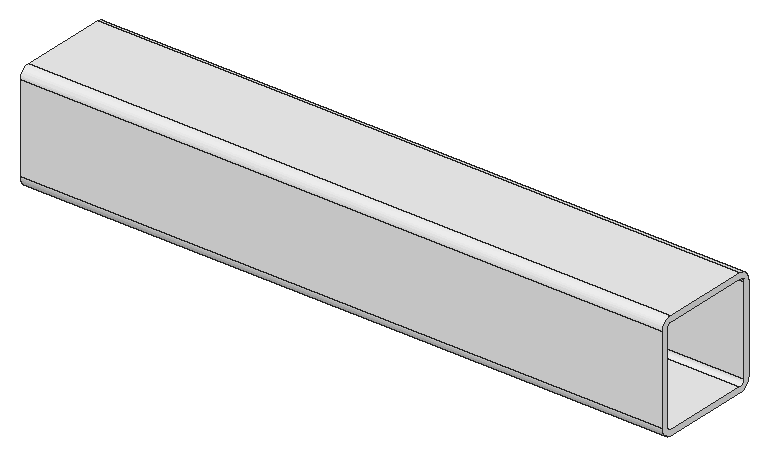
Revit family
Parameters (values of type "HSS203X203X9.5")
  Start Extension Calculation [instance] = 3012.5 mm + Start Extension  # 3000 mm
  Start Extension [instance] = -12.5 mm
  End Extension Calculation [instance] = 3012.5 mm + End Extension  # 3000 mm
  End Extension [instance] = -12.5 mm
  Beam Material [instance] = Metal - Steel - 345 MPa
  Assembly Code = ""
  A = 0.007 m²
  Ht = 203.2 mm
  Length [instance] = 1500 mm
  W = 0.55015
  Shape = "Square"
  b = 203.2 mm
  tr = 2 * t  # 19 mm
  t = 9.5 mm
Reference planes
  plane 1 "Center (Front/Back)": y = 0
  plane 2: z = 0
  plane 3 "Center (Left/Right)": x = 4.61
  plane 4 "Member Left": x = -604.99
  plane 5 "Member Right": x = 614.21
  plane 6: y = 101.6
  plane 7: y = -101.6
  plane 8 "Top": z = 101.6
  plane 9: z = -101.6
  plane 10 "Left": x = -757.39
  plane 11 "Right": x = 742.61
  plane 12: x = -604.99
  plane 13: x = 614.21
  plane 14: x = 2395.01
  plane 15: x = -2385.79
Forms (mm)
  Sweep 1, solid, material "Metal - Steel - 345 MPa" <- "Beam Material", detail levels fine
    path origin (0, 0, 0) x (1, 0, 0) y (0, 1, 0)
      loop
        line (614.21, 0) -> (-604.99, 0)
    profile "M_Hollow-Structural-Section-Profile-Fine : M_Hollow-Structural-Section-Profile-Fine" origin (4.61, 0, 0) x (0, -1, 0) y (0, 0, 1)
      loop
        arc (-82.6, 92.1) -> (-89.318, 89.318) -> (-92.1, 82.6) r 9.5
        line (-92.1, 82.6) -> (-92.1, -82.6)
        arc (-92.1, -82.6) -> (-89.318, -89.318) -> (-82.6, -92.1) r 9.5
        line (-82.6, -92.1) -> (82.6, -92.1)
        arc (82.6, -92.1) -> (89.318, -89.318) -> (92.1, -82.6) r 9.5
        line (92.1, -82.6) -> (92.1, 82.6)
        arc (92.1, 82.6) -> (89.318, 89.318) -> (82.6, 92.1) r 9.5
        line (82.6, 92.1) -> (-82.6, 92.1)
      loop
        arc (-101.6, -82.6) -> (-96.035, -96.035) -> (-82.6, -101.6) r 19
        line (-82.6, -101.6) -> (82.6, -101.6)
        arc (82.6, -101.6) -> (96.035, -96.035) -> (101.6, -82.6) r 19
        line (101.6, -82.6) -> (101.6, 82.6)
        arc (101.6, 82.6) -> (96.035, 96.035) -> (82.6, 101.6) r 19
        line (82.6, 101.6) -> (-82.6, 101.6)
        arc (-82.6, 101.6) -> (-96.035, 96.035) -> (-101.6, 82.6) r 19
        line (-101.6, 82.6) -> (-101.6, -82.6)
  Sweep 2, solid, material "Metal - Steel - 345 MPa" <- "Beam Material", detail levels medium
    path origin (0, 0, 0) x (1, 0, 0) y (0, 1, 0)
      loop
        line (614.21, 0) -> (-604.99, 0)
    profile "M_Hollow-Structural-Section-Profile-Medium : M_Hollow-Structural-Section-Profile-Medium" origin (4.61, 0, 0) x (0, -1, 0) y (0, 0, 1)
      loop
        line (-92.1, 92.1) -> (-92.1, -92.1) -> (92.1, -92.1) -> (92.1, 92.1) -> (-92.1, 92.1)
      loop
        line (-101.6, -101.6) -> (101.6, -101.6) -> (101.6, 101.6) -> (-101.6, 101.6) -> (-101.6, -101.6)
Lines and regions (mm)
  symbolic lines, style "Hidden Faces", detail levels medium+fine
    curve 1: line (614.21, -92.1, 0) -> (-604.99, -92.1, 0)
    curve 2: line (614.21, 92.1, 0) -> (-604.99, 92.1, 0)
    curve 3: line (-604.99, 0, 92.1) -> (614.21, 0, 92.1)
    curve 4: line (-604.99, 0, -92.1) -> (614.21, 0, -92.1)
  symbolic lines, style "Stick Symbols", detail levels coarse
    curve 5: line (4.61, -101.6, 101.6) -> (4.61, -101.6, -101.6)
    curve 6: line (4.61, -101.6, -101.6) -> (4.61, 101.6, -101.6)
    curve 7: line (4.61, 101.6, -101.6) -> (4.61, 101.6, 101.6)
    curve 8: line (4.61, 101.6, 101.6) -> (4.61, -101.6, 101.6)
Dimensions and locks
  "b": plane 6 to plane 7
  "Ht": plane 9 to plane 8 "Top"
  equal spacing: plane 9, plane 2, plane 8 "Top"
  equal spacing: plane 6, plane 1 "Center (Front/Back)", plane 7
  "t": plane 6 to curve 2
  "t": curve 1 to plane 7
  "t": plane 8 "Top" to curve 3
  "t": curve 4 to plane 9
  "Length": plane 10 "Left" to plane 11 "Right"
  locked: plane 4 "Member Left" to plane 14 at 3000
  locked: plane 15 to plane 5 "Member Right" at 3000
  "Start Extension Calculation": plane 12 to plane 14
  "End Extension Calculation": plane 15 to plane 13
  aligned and locked: Sweep 1 sketch curve to plane 1 "Center (Front/Back)"
  aligned and locked: Sweep 2 sketch curve to plane 1 "Center (Front/Back)"
  aligned and locked: curve 5 to Sweep 2
  aligned and locked: curve 6 to Sweep 2
  aligned and locked: curve 7 to Sweep 2
  aligned and locked: curve 8 to Sweep 2
  aligned and locked: plane 12 to Sweep 2 sketch curve
  aligned and locked: plane 13 to Sweep 2 sketch curve
  aligned and locked: plane 12 to Sweep 1 sketch curve
  aligned and locked: plane 13 to Sweep 1 sketch curve
  aligned and locked: plane 12 to curve 2
  aligned and locked: plane 12 to curve 1
  aligned and locked: plane 13 to curve 2
  aligned and locked: plane 13 to curve 1
  aligned and locked: plane 12 to curve 3
  aligned and locked: plane 12 to curve 4
  aligned and locked: plane 13 to curve 3
  aligned and locked: plane 13 to curve 4
